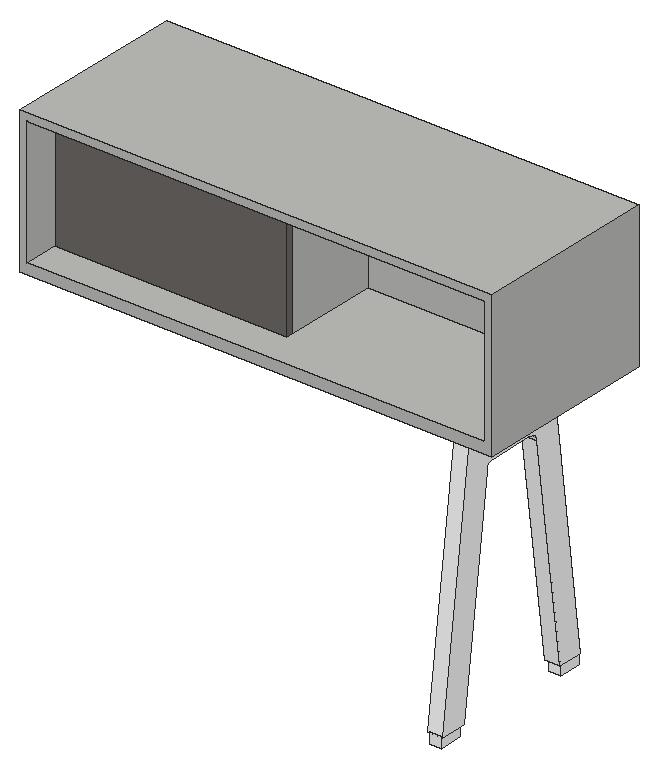
Revit family "Storage-Beam_Mounted-JNBDLO_Lateral_Hang_On_Cabinet_Open-Teknion-R20151", category Furniture, Revit 2015
Parameters (values of type "Fabric Tackboard")
  Width [instance] = 48.000"
  Warranty = "http://www.teknion.com/ca/papers/legal-canada"
  Unit Weight URL = "http://www.teknion.com/ca/tools/assets#&asset=bee6a381-b954-425e-8283-5a2de3a804f2,f828d448-4b62-4231-9e5f-9a8991c0ed77"
  URL = "www.teknion.com"
  Sustainability Data = "http://www.teknion.com/ca/tools/assets#&topic=216f99a5-57a0-44fc-b10a-9dee9b29ae4c&asset=444deb64-fe58-4b68-981e-f75e97781df7"
  Single-Sided [instance] = no
  Shared-Open [instance] = not([Single-Sided])  # yes
  Series = "Cityline"  # constant formula
  Product Page URL = "http://www.teknion.com/pricing/expansion-cityline/pdfs/JNBDLO_ppg.pdf"
  Product Line = "Cityline"  # constant formula
  Product Documentation Link = ""
  Part Number = "JNBDLO"  # constant formula
  No Fascia Panel = no
  Model = "JNBDLOFA13_"
  Middle Divider Front Face Horizontal Offset [instance] = if([Single-Sided], 0.827", 4.000")  # 4.000"
  Middle Divider Back Face Horizontal Offset [instance] = if([Single-Sided], 1.291", 4.701")  # 4.701"
  Manufacturer Phone = "416-661-3370"  # constant formula
  Manufacturer Fax = "416.661.4586"  # constant formula
  Manufacturer Contact Information = "http://www.teknion.com/ca/contactus"
  Manufacturer Address = "1150 Flint Road, Toronto, ON. M3J 2J5. Canada"  # constant formula
  Manufacturer = "Teknion"  # constant formula
  Magnetic Glass Fascia - Shared-Open [instance] = if(and([Shared-Open], Magnetic Glass), 1 < 2, 1 > 2)  # no
  Magnetic Glass = no
  Leg Paint Finish [instance] = Mica - Teknion - V - Satin - Very White
  Fascia Panel Horizontal Offset [instance] = if(Fascia Tackboard, 0.000", 0.354")  # 0.000"
  Fascia Panel - Shared Open [instance] = if(and([Shared-Open], or(Magnetic Glass, Fascia Tackboard)), 1 < 2, 1 > 2)  # yes
  Fascia Finish = Fabric - Teknion - B153 - Digi Tweed - Obsidian Tweed
  Fascia Tackboard = yes
  Description = "Lateral hang-On Cabinet - Open, Fabric Tackboard, Angled Freestanding Leg Style, 13\" High"
  Depth [instance] = if([Single-Sided], 15.000", 18.000")  # 18.000"
  Case Finish [instance] = Source Laminate - Teknion - RV - Very White
  Back Gable Offset for Shared Config. [instance] = if([Shared-Open], Actual Width / 2 - 1.051", 0.000")  # 22.1025"
  Back Gable Horizontal Offset [instance] = if(and([Single-Sided], No Fascia Panel), 0.000", if(and([Single-Sided], or(Magnetic Glass, Fascia Tackboard)), 0.591", if([Shared-Open], 4.000", 0.591")))  # 4.000"
  Back Face Magnetic Glass Panel [instance] = or(Magnetic Glass)  # no
  Back Face Fascia Panel [instance] = or(Fascia Tackboard, Magnetic Glass)  # yes
  Available Widths [instance] = "48 to 84 inches in 6 inch increments."  # constant formula
  Available Depths [instance] = if([Single-Sided], "15 inches.", "18 inches.")  # "18 inches."
  Assembly Code = "E2020200"
  Actual Width [instance] = if(Width = 48.000", 46.307", if(Width = 54.000", 52.307", if(Width = 60.000", 58.307", if(Width = 66.000", 64.307", if(Width = 72.000", 70.307", if(Width = 78.000", 76.307", if(Width = 84.000", 82.307", 46.307")))))))  # 46.307"
Types (5): name | Single-Sided | Shared-Open | Product Page URL | Product Documentation Link | No Fascia Panel | Model | Middle Divider Front Face Horizontal Offset | Middle Divider Back Face Horizontal Offset | Magnetic Glass Fascia - Shared-Open | Magnetic Glass | Fascia Panel Horizontal Offset | Fascia Panel - Shared Open | Fascia Finish | Fascia Tackboard | Description | Depth | Back Gable Offset for Shared Config. | Back Gable Horizontal Offset | Back Face Magnetic Glass Panel | Back Face Fascia Panel | Available Depths
  (no name) | no | yes | "http://www.teknion.com/pricing/expansion-cityline/pdfs/JNBDLO_ppg.pdf" | "" | no | "JNBDLOFA13_" | 4.000" | 4.701" | no | no | 0.000" | yes | Fabric - Teknion - B153 - Digi Tweed - Obsidian Tweed | yes | "Lateral hang-On Cabinet - Open, Fabric Tackboard, Angled Freestanding Leg Style, 13\" High" | 18.000" | 22.1025" | 4.000" | no | yes | "18 inches."
  Felt Tackboard | no | yes | "http://www.teknion.com/pricing/expansion-cityline/pdfs/JNBDLO_ppg.pdf" | "" | no | "JNBDLOEA13_" | 4.000" | 4.701" | no | no | 0.000" | yes | Fabric-Teknion-RB11-Carbon | yes | "Lateral hang-On Cabinet - Open, Felt Tackboard, Angled Freestanding Leg Style, 13\" High" | 18.000" | 22.1025" | 4.000" | no | yes | "18 inches."
  Fabric Tackboard | no | yes | "http://www.teknion.com/pricing/expansion-cityline/pdfs/JNBDLO_ppg.pdf" | "" | no | "JNBDLOFA13_" | 4.000" | 4.701" | no | no | 0.000" | yes | Fabric - Teknion - B153 - Digi Tweed - Obsidian Tweed | yes | "Lateral hang-On Cabinet - Open, Fabric Tackboard, Angled Freestanding Leg Style, 13\" High" | 18.000" | 22.1025" | 4.000" | no | yes | "18 inches."
  Magnetic Glass | no | yes | "https://www.teknion.com/ca/products/product-details?productlineid=9ad2a26e-8e7a-673b-a6c8-ff05004460c4" | "http://www.teknion.com/pricing/expansion-cityline/pdfs/JNBDLO_ppg.pdf" | no | "JNBDLOMA13_" | 4.000" | 4.701" | yes | yes | 0.354" | yes | Back-painted Glass - K7 - Teknion - Very White | no | "Lateral hang-On Cabinet - Open, Magnetic Glass, Angled Freestanding Leg Style, 13\" High" | 18.000" | 22.1025" | 4.000" | yes | yes | "18 inches."
  No Fascia | yes | no | "http://www.teknion.com/pricing/expansion-cityline/pdfs/JNBDLO_ppg.pdf" | "" | yes | "JNBDLONA13_" | 0.827" | 1.291" | no | no | 0.354" | no | Fabric - Teknion - B153 - Digi Tweed - Obsidian Tweed | no | "Lateral hang-On Cabinet - Open, No Fascia, Angled Freestanding Leg Style, 13\" High" | 15.000" | 0.000" | 0.000" | no | no | "15 inches."
Reference planes (in)
  plane 1 "Center Front/Back": y = 0
  plane 2: z = 0
  plane 3 "Center Left/Right": x = 0
  plane 4 "Left": x = -23.1535
  plane 5 "Right": x = 23.1535
  plane 6 "Back": y = 9
  plane 7 "Front": y = -9
  plane 8 "Top": z = 42
  plane 9: x = -22.45271
  plane 10: x = 22.45271
  plane 11: x = 14.67317
  plane 12: x = 19.6338
  plane 13: y = -6.2559
  plane 14: y = 6.2559
  plane 15: x = 16.40353
  plane 16: x = 17.90348
  plane 17: z = 27.81102
  plane 18: z = 27.69291
  plane 19: y = 4.29921
  plane 20: y = 5
  plane 21: x = 16.56097
  plane 22: x = 17.746
  plane 23: y = 8.4076
  plane 24: z = 1
  plane 25: y = -8.4076
  plane 26: z = 41.29921
  plane 27: z = 28.82677
  plane 28: y = -5
  plane 29: y = 4.299
  plane 30: y = 5.35433
  plane 31: y = -2.37818
  plane 32: y = -4.29921
Forms (in)
  Extrusion 1, solid, material "Mica - Teknion - V - Satin - Very White" <- "Leg Paint Finish"
    sketch origin (0, 0, 0) x (0, 1, 0) y (0, 0, 1)
      loop
        arc (-3.11278, 22.06496) -> (-2.82631, 22.6009) -> (-2.25757, 22.81496) r 0.86259
        line (-2.25757, 22.81496) -> (2.25757, 22.81496)
        arc (2.25757, 22.81496) -> (2.82631, 22.6009) -> (3.11278, 22.06496) r 0.86259
        line (3.11278, 22.06496) -> (5.88603, 1) -> (8.4076, 1) -> (4.89341, 27.69291) -> (-4.89341, 27.69291) -> (-8.4076, 1) -> (-5.88603, 1) -> (-3.11278, 22.06496)
    from 16.40353 to 17.90348
  Extrusion 2, solid, material "Mica - Teknion - V - Satin - Very White" <- "Leg Paint Finish"
    sketch origin (23.1535, 0, 0) x (0, 1, 0) y (0, 0, -1)
      loop
        line (6.2559, -27.69291) -> (-6.2559, -27.69291) -> (-6.2559, -27.81102) -> (6.2559, -27.81102) -> (6.2559, -27.69291)
    from 3.5197 to 8.48033
  Extrusion 3, solid, material "Mica - Teknion - V - Satin - Very White" <- "Leg Paint Finish"
    sketch origin (0, 0, 0) x (1, 0, 0) y (0, 1, 0)
      loop
        line (16.56097, 8.4076) -> (16.56097, 6.20866) -> (17.746, 6.20866) -> (17.746, 8.4076) -> (16.56097, 8.4076)
    from 0 to 1
  Extrusion 4, solid, material "Mica - Teknion - V - Satin - Very White" <- "Leg Paint Finish"
    sketch origin (0, 0, 0) x (1, 0, 0) y (0, 1, 0)
      loop
        line (16.56097, -8.4076) -> (17.746, -8.4076) -> (17.746, -6.20371) -> (16.56097, -6.20371) -> (16.56097, -8.4076)
    from 0 to 1
  Extrusion 5, solid, material "Source Laminate - Teknion - RV - Very White" <- "Case Finish"
    sketch origin (0, -9, 0) x (-1, 0, 0) y (0, 0, -1)
      loop
        line (-23.1535, -42) -> (23.1535, -42) -> (23.1535, -27.81102) -> (-23.1535, -27.81102) -> (-23.1535, -42)
      loop
        line (-22.45271, -41.29921) -> (22.45271, -41.29921) -> (22.45271, -28.82677) -> (-22.45271, -28.82677) -> (-22.45271, -41.29921)
    from 0 to -18
  Extrusion 6, solid, material "Source Laminate - Teknion - RV - Very White" <- "Case Finish"
    sketch origin (0, 0, 0) x (1, 0, 0) y (0, 1, 0)
      loop
        line (-0.35021, 5) -> (-0.35021, 4.29921) -> (22.45271, 4.29921) -> (22.45271, 5) -> (-0.35021, 5)
    from 28.82677 to 41.29921
  Extrusion 7, solid, material "Source Laminate - Teknion - RV - Very White" <- "Case Finish"
    sketch origin (0, 0, 0) x (1, 0, 0) y (0, 1, 0)
      loop
        line (0.35039, -5) -> (0.35039, 4.299) -> (-0.35039, 4.299) -> (-0.35039, -5) -> (0.35039, -5)
    from 28.82677 to 41.29921
  Extrusion 8, solid, material "Paint", visible <- "Back Face Magnetic Glass Panel"
    sketch origin (0, 0, 0) x (1, 0, 0) y (0, 1, 0)
      loop
        line (22.45271, 5.35433) -> (-0.35021, 5.35433) -> (-0.35021, 5) -> (22.45271, 5) -> (22.45271, 5.35433)
    from 28.82677 to 41.29921
  Extrusion 9, solid, material "Fabric - Teknion - B153 - Digi Tweed - Obsidian Tweed" <- "Fascia Finish", visible <- "Back Face Fascia Panel"
    sketch origin (0, 0, 0) x (1, 0, 0) y (0, 1, 0)
      loop
        line (-0.35021, 5.591) -> (-0.35021, 5) -> (22.45271, 5) -> (22.45271, 5.591) -> (-0.35021, 5.591)
    from 28.82677 to 41.29921
  Extrusion 10, solid, material "Source Laminate - Teknion - RV - Very White" <- "Case Finish", visible <- "Shared-Open"
    sketch origin (0, 0, 0) x (-1, 0, 0) y (0, -1, 0)
      loop
        line (0.35039, 5) -> (0.35039, 4.29921) -> (22.45271, 4.29921) -> (22.45271, 5) -> (0.35039, 5)
    from 28.82677 to 41.29921
  Extrusion 11, solid, material "Paint", visible <- "Magnetic Glass Fascia - Shared-Open"
    sketch origin (0, 0, 0) x (-1, 0, 0) y (0, -1, 0)
      loop
        line (22.45271, 5.354) -> (-0.35039, 5.354) -> (-0.35039, 5) -> (22.45271, 5) -> (22.45271, 5.354)
    from 28.82677 to 41.29921
  Extrusion 12, solid, material "Fabric - Teknion - B153 - Digi Tweed - Obsidian Tweed" <- "Fascia Finish", visible <- "Fascia Panel - Shared Open"
    sketch origin (0, 0, 0) x (-1, 0, 0) y (0, -1, 0)
      loop
        line (-0.35039, 5.591) -> (-0.35039, 5) -> (22.45271, 5) -> (22.45271, 5.591) -> (-0.35039, 5.591)
    from 28.82677 to 41.29921
Lines and regions (in)
  Masking region 1
    outline origin (0, 0, 0) x (1, 0, 0) y (0, 1, 0)
      loop
        line (-23.1535, 9) -> (-23.1535, -9) -> (23.1535, -9) -> (23.1535, 9) -> (-23.1535, 9)
  Masking region 2, visible <- "Single-Sided"
    outline origin (0, 0, 0) x (1, 0, 0) y (0, 1, 0)
      loop
        line (16.40353, 8.4076) -> (17.90348, 8.4076) -> (17.90348, 9) -> (16.40353, 9) -> (16.40353, 8.4076)
      loop
        line (17.90348, -8.4076) -> (16.40353, -8.4076) -> (16.40353, -9) -> (17.90348, -9) -> (17.90348, -8.4076)
  symbolic lines, style "FurnitureHiddenLines", detail levels medium+fine
    curve 1: line (22.45271, 9, 0) -> (22.45271, -9, 0)
    curve 2: line (0.35039, -5, 0) -> (0.35039, 4.299, 0)
    curve 3: line (-0.35021, 4.299, 0) -> (22.45271, 4.299, 0)
    curve 4: line (-0.35021, 5, 0) -> (22.45271, 5, 0)
    curve 5: line (-22.45271, -9, 0) -> (-22.45271, 9, 0)
    curve 9: line (-0.35039, 4.299, 0) -> (-0.35039, -5, 0)
    curve 10: line (-0.35039, -5, 0) -> (0.35039, -5, 0)
    curve 18: line (14.67317, 6.2559, 0) -> (14.67317, -6.2559, 0)
    curve 19: line (14.67317, -6.2559, 0) -> (19.6338, -6.2559, 0)
    curve 20: line (19.6338, -6.2559, 0) -> (19.6338, 6.2559, 0)
    curve 21: line (19.6338, 6.2559, 0) -> (14.67317, 6.2559, 0)
    curve 32: line (16.40353, 8.4076, 0) -> (16.40353, -8.4076, 0)
    curve 33: line (17.90348, -8.4076, 0) -> (17.90348, 8.4076, 0)
    curve 34: line (16.40353, 8.4076, 0) -> (17.90348, 8.4076, 0)
    curve 35: line (16.40353, -8.4076, 0) -> (17.90348, -8.4076, 0)
  symbolic lines, style "FurnitureHiddenLines", visible <- "Shared-Open", detail levels medium+fine
    curve 6: line (-0.35039, -4.29921, 0) -> (-22.45271, -4.29921, 0)
    curve 7: line (-0.35039, -5, 0) -> (-22.45271, -5, 0)
    curve 8: line (-0.35021, 5, 0) -> (-0.35021, 4.299, 0)
  symbolic lines, style "FurnitureHiddenLines", visible <- "Back Face Fascia Panel", detail levels medium+fine
    curve 11: line (-0.35021, 5.591, 0) -> (-0.35021, 5, 0)
    curve 12: line (22.45271, 5.591, 0) -> (-0.35021, 5.591, 0)
  symbolic lines, style "FurnitureHiddenLines", visible <- "Fascia Tackboard", detail levels medium+fine
    curve 13: line (22.45271, 5, 0) -> (22.45271, 5.591, 0)
  symbolic lines, style "FurnitureHiddenLines", visible <- "Magnetic Glass", detail levels fine
    curve 14: line (22.45271, 5.35433, 0) -> (-0.35021, 5.35433, 0)
  symbolic lines, style "FurnitureHiddenLines", visible <- "Fascia Panel - Shared Open", detail levels medium+fine
    curve 15: line (0.35039, -5.591, 0) -> (0.35039, -5, 0)
    curve 16: line (-22.45271, -5.591, 0) -> (0.35039, -5.591, 0)
  symbolic lines, style "FurnitureHiddenLines", visible <- "Magnetic Glass Fascia - Shared-Open", detail levels fine
    curve 17: line (-22.45271, -5.354, 0) -> (0.35039, -5.354, 0)
  symbolic lines, style "FurnitureHiddenLines", detail levels fine
    curve 22: line (16.56097, -6.20371, 0) -> (16.56097, -8.4076, 0)
    curve 23: line (17.746, -6.20371, 0) -> (16.56097, -6.20371, 0)
    curve 24: line (17.746, -8.4076, 0) -> (17.746, -6.20371, 0)
    curve 25: line (17.746, 6.20866, 0) -> (17.746, 8.4076, 0)
    curve 26: line (16.56097, 6.20866, 0) -> (17.746, 6.20866, 0)
    curve 27: line (16.56097, 8.4076, 0) -> (16.56097, 6.20866, 0)
    curve 28: line (16.40353, 4.89341, 0) -> (17.90348, 4.89341, 0)
    curve 29: line (16.40353, 5.88603, 0) -> (17.90348, 5.88603, 0)
    curve 30: line (16.40353, -4.89341, 0) -> (17.90348, -4.89341, 0)
    curve 31: line (17.90348, -5.88603, 0) -> (16.40353, -5.88603, 0)
  reference lines, not visible
    curve 36: line (-23.1535, 9, 0) -> (-23.1535, -9, 0)
    curve 37: line (-23.1535, 9, 0) -> (23.1535, 9, 0)
    curve 38: line (23.1535, 9, 0) -> (23.1535, -9, 0)
    curve 39: line (-23.1535, -9, 0) -> (23.1535, -9, 0)
Dimensions and locks (in)
  "Actual Width": plane 4 "Left" to plane 5 "Right"
  "Depth": plane 6 "Back" to plane 7 "Front"
  plane 8 "Top" to level = 42.000"
  plane 11 to plane 12 to plane 5 "Right" = 4.96063" locked, 3.5197" locked
  locked: plane 20 to plane 19 at 0.70079
  locked: plane 14 to plane 13 at 12.51181
  Extrusion 1 sketch curve to plane 25 to Extrusion 1 sketch curve to Extrusion 1 sketch curve to Extrusion 1 sketch curve = 0.000" locked, 2.52157" locked, 0.99262" locked, 2.63585" locked
  Extrusion 1 sketch curve to Extrusion 1 sketch curve to Extrusion 1 sketch curve to Extrusion 1 sketch curve to plane 23 = 2.63585" locked, 0.99262" locked, 2.52157" locked, 0.000" locked
  locked: plane 17 to plane 8 "Top" at 14.18898
  Extrusion 1 sketch curve to Extrusion 1 sketch curve to Extrusion 1 sketch curve to Extrusion 1 sketch curve to plane 2 = 0.000" locked, 20.95237" locked, 0.000" locked, 1.000" locked
  locked: level to plane 18 at 27.69291
  locked: plane 4 "Left" to plane 9 at 0.70079
  locked: plane 10 to plane 5 "Right" at 0.70079
  equal spacing: plane 4 "Left", plane 3 "Center Left/Right", plane 5 "Right"
  equal spacing: plane 14, plane 1 "Center Front/Back", plane 13
  equal spacing: plane 7 "Front", plane 1 "Center Front/Back", plane 6 "Back"
  plane 15 to plane 21 to plane 22 to plane 16 to plane 12 = 0.15744" locked, 1.18504" locked, 0.15748" locked, 1.73032" locked
  locked: plane 25 to plane 23 at 16.81521
  locked: plane 2 to plane 24 at 1
  locked: Extrusion 3 sketch curve to plane 23 at 2.19894
  locked: Extrusion 4 sketch curve to plane 25 at 2.20389
  locked: plane 8 "Top" to plane 26 at 0.70079
  locked: plane 27 to plane 17 at 1.01575
  "Back Gable Horizontal Offset": plane 6 "Back" to plane 20
  "Middle Divider Front Face Horizontal Offset": plane 7 "Front" to plane 28
  Extrusion 7 sketch curve to plane 3 "Center Left/Right" to Extrusion 7 sketch curve = 0.35039" locked, 0.35039" locked
  "Middle Divider Back Face Horizontal Offset": plane 29 to plane 6 "Back"
  locked: plane 30 to plane 20 at 0.35433
  "Fascia Panel Horizontal Offset": Extrusion 9 sketch curve to plane 20
  "Back Gable Offset for Shared Config.": plane 9 to Extrusion 9 sketch curve
  "Back Gable Offset for Shared Config.": plane 9 to Extrusion 8 sketch curve
  "Back Gable Offset for Shared Config.": plane 9 to Extrusion 6 sketch curve
  plane 7 "Front" to plane 28 to plane 32 to plane 31 = 4.000", 0.70079", 1.92103"
  "Fascia Panel Horizontal Offset": Extrusion 12 sketch curve to plane 28
  locked: Extrusion 9 sketch curve to plane 30 at 0.23667
  locked: Extrusion 11 to Extrusion 12 sketch curve at 0.237
  "Back Gable Offset for Shared Config.": plane 9 to curve 4
  "Back Gable Offset for Shared Config.": plane 9 to curve 3
  "Middle Divider Back Face Horizontal Offset": plane 6 "Back" to curve 3
  locked: Extrusion 11 sketch curve to plane 28 at 0.354
  "Middle Divider Back Face Horizontal Offset": plane 6 "Back" to curve 2
  "Middle Divider Back Face Horizontal Offset": plane 6 "Back" to curve 9
  locked: plane 3 "Center Left/Right" to Extrusion 11 sketch curve at 0.35039
  locked: plane 3 "Center Left/Right" to Extrusion 12 sketch curve at 0.35039
  locked: plane 3 "Center Left/Right" to curve 2 at 0.35039
  locked: plane 3 "Center Left/Right" to curve 15 at 0.35039
  aligned and locked: level to plane 2
  aligned and locked: Extrusion 1 to plane 18
  aligned and locked: Extrusion 1 to plane 16
  aligned and locked: plane 15 to Extrusion 1
  aligned and locked: plane 18 to Extrusion 2 sketch curve
  aligned and locked: plane 13 to Extrusion 2 sketch curve
  aligned and locked: plane 17 to Extrusion 2 sketch curve
  aligned and locked: Extrusion 2 sketch curve to plane 14
  aligned and locked: plane 12 to Extrusion 2
  aligned and locked: Extrusion 2 to plane 11
  aligned and locked: Extrusion 3 sketch curve to plane 21
  aligned and locked: Extrusion 3 sketch curve to plane 22
  aligned and locked: plane 23 to Extrusion 3 sketch curve
  aligned and locked: Extrusion 3 to plane 24
  aligned and locked: Extrusion 3 to plane 2
  aligned and locked: Extrusion 4 to plane 24
  aligned and locked: Extrusion 4 to plane 2
  aligned and locked: Extrusion 4 sketch curve to plane 25
  aligned and locked: plane 5 "Right" to Extrusion 5 sketch curve
  aligned and locked: Extrusion 5 sketch curve to plane 10
  aligned and locked: Extrusion 5 sketch curve to plane 17
  aligned and locked: Extrusion 5 sketch curve to plane 8 "Top"
  aligned and locked: Extrusion 5 sketch curve to plane 4 "Left"
  aligned and locked: Extrusion 5 sketch curve to plane 9
  aligned and locked: Extrusion 5 sketch curve to plane 27
  aligned and locked: plane 26 to Extrusion 5 sketch curve
  aligned and locked: plane 6 "Back" to Extrusion 5
  aligned and locked: plane 7 "Front" to Extrusion 5
  aligned and locked: Extrusion 6 sketch curve to plane 20
  aligned and locked: Extrusion 6 sketch curve to plane 19
  aligned and locked: Extrusion 6 sketch curve to plane 10
  aligned and locked: Extrusion 6 to plane 27
  aligned and locked: plane 26 to Extrusion 6
  aligned and locked: Extrusion 7 sketch curve to plane 28
  aligned and locked: plane 26 to Extrusion 7
  aligned and locked: Extrusion 7 to plane 27
  aligned and locked: plane 29 to Extrusion 7 sketch curve
  aligned and locked: Extrusion 8 sketch curve to plane 30
  aligned and locked: Extrusion 8 sketch curve to plane 20
  aligned and locked: Extrusion 8 sketch curve to plane 10
  aligned and locked: plane 26 to Extrusion 8
  aligned and locked: Extrusion 8 to plane 27
  aligned and locked: Extrusion 8 to plane 30
  aligned and locked: Extrusion 9 sketch curve to plane 10
  aligned and locked: plane 26 to Extrusion 9
  aligned and locked: Extrusion 9 to plane 27
  aligned and locked: Extrusion 10 to Extrusion 7
  aligned and locked: plane 9 to Extrusion 12 sketch curve
  aligned and locked: plane 26 to Extrusion 12
  aligned and locked: plane 26 to Extrusion 11
  aligned and locked: plane 26 to Extrusion 10
  aligned and locked: Extrusion 10 to plane 27
  aligned and locked: Extrusion 11 to plane 27
  aligned and locked: Extrusion 12 to plane 27
  aligned and locked: Masking region 1 sketch curve to plane 4 "Left"
  aligned and locked: Masking region 1 sketch curve to plane 6 "Back"
  aligned and locked: plane 7 "Front" to Masking region 1 sketch curve
  aligned and locked: Masking region 1 sketch curve to plane 5 "Right"
  aligned and locked: curve 1 to Extrusion 5
  aligned and locked: curve 5 to Extrusion 5
  aligned and locked: Extrusion 10 sketch curve to plane 32
  aligned and locked: Extrusion 10 sketch curve to plane 28
  aligned and locked: plane 9 to Extrusion 10 sketch curve
  aligned and locked: plane 9 to Extrusion 11 sketch curve
  aligned and locked: Extrusion 11 sketch curve to plane 28
  aligned and locked: curve 4 to plane 20
  aligned and locked: curve 7 to plane 28
  aligned and locked: curve 11 to Extrusion 9
  aligned and locked: curve 12 to Extrusion 9
  aligned and locked: curve 13 to Extrusion 9
  aligned and locked: curve 14 to Extrusion 8
  aligned and locked: curve 16 to Extrusion 12
  aligned and locked: curve 18 to Extrusion 2
  aligned and locked: curve 19 to Extrusion 2
  aligned and locked: curve 20 to Extrusion 2
  aligned and locked: curve 21 to Extrusion 2
  aligned and locked: Masking region 2 sketch curve to Extrusion 1  (x4)
  aligned and locked: Extrusion 1 to Masking region 2 sketch curve  (x2)
  aligned and locked: Extrusion 5 to Masking region 2 sketch curve  (x2)
  aligned and locked: curve 22 to Extrusion 4
  aligned and locked: curve 23 to Extrusion 4
  aligned and locked: curve 24 to Extrusion 4
  aligned and locked: curve 25 to Extrusion 3
  aligned and locked: curve 26 to Extrusion 3
  aligned and locked: curve 27 to Extrusion 3
  aligned and locked: curve 28 to Extrusion 1
  aligned and locked: curve 29 to Extrusion 1
  aligned and locked: curve 30 to Extrusion 1
  aligned and locked: curve 31 to Extrusion 1
  aligned and locked: curve 32 to Extrusion 1
  aligned and locked: curve 33 to Extrusion 1
  aligned and locked: curve 34 to Extrusion 1
  aligned and locked: curve 35 to Extrusion 1
  aligned and locked: curve 36 to plane 4 "Left"
  aligned and locked: curve 37 to plane 6 "Back"
  aligned and locked: curve 38 to plane 5 "Right"
  aligned and locked: plane 7 "Front" to curve 39
  aligned and locked: Extrusion 4 to plane 21
  aligned and locked: plane 22 to Extrusion 4
Automatic sketch dimensions
  Extrusion 1 sketch curve to plane 18 = 0.000"
  Extrusion 1 sketch curve to Extrusion 1 sketch curve = 0.85521"  (x2)
  Extrusion 1 sketch curve to Extrusion 1 sketch curve = 0.11259"
  plane 21 to Extrusion 4 sketch curve = 0.000"
  Extrusion 4 sketch curve to plane 22 = 0.000"
  Extrusion 10 sketch curve to plane 3 "Center Left/Right" = 0.35039"
  plane 7 "Front" to curve 1 = 0.000"
  plane 7 "Front" to curve 5 = 0.000"
  plane 28 to curve 7 = 0.000"
  plane 32 to curve 6 = 0.000"
  curve 13 to plane 20 = 0.000"
  curve 1 to plane 6 "Back" = 0.000"
  curve 5 to plane 6 "Back" = 0.000"
  curve 16 to curve 17 = 0.237"
  curve 9 to plane 3 "Center Left/Right" = 0.35039"
